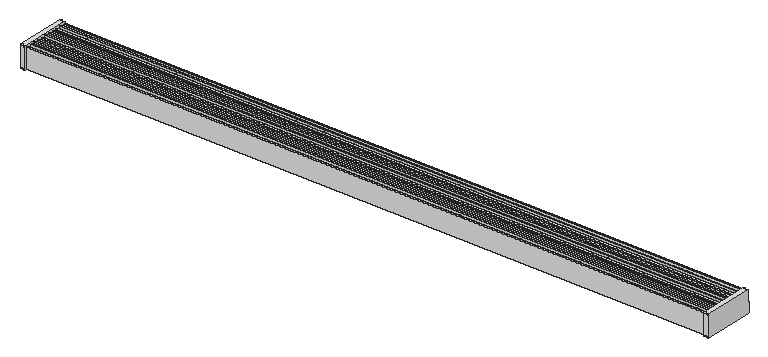
Revit family "Shower-Drain_Cover-KOHLER-Linear-K-80653_1", category Specialty Equipment, host Face, Revit 2017 (continued)
Definition of nested family "K-80653"
  Forms (in)
    Extrusion 4, solid, material <- "Material", detail levels medium+fine
      sketch origin (0, 0, 0) x (1, 0, 0) y (0, 1, 0)
        loop
          line (13.69651, 1.15) -> (13.34394, 1.15)
          arc (13.34394, 1.15) -> (13.27385, 1.12097) -> (13.24482, 1.05088) r 0.09912
          line (13.24482, 1.05088) -> (13.24482, -1.04543)
          arc (13.24482, -1.04543) -> (13.27545, -1.11937) -> (13.3494, -1.15) r 0.10457
          line (13.3494, -1.15) -> (13.69946, -1.15)
          arc (13.69946, -1.15) -> (13.76921, -1.12051) -> (13.79663, -1.04993) r 0.09721
        loop
          arc (13.34394, 1.18125) -> (13.25176, 1.14307) -> (13.21357, 1.05088) r 0.13037
          line (13.21357, 1.05088) -> (13.21357, -1.04543)
          arc (13.21357, -1.04543) -> (13.25336, -1.14147) -> (13.3494, -1.18125) r 0.13582
          line (13.3494, -1.18125) -> (13.69946, -1.18125)
          arc (13.69946, -1.18125) -> (13.79163, -1.14228) -> (13.82787, -1.049) r 0.12846
          arc (13.82787, -1.049) -> (13.84194, -0.98468) -> (13.88461, -0.93453) r 0.13582
          arc (13.88461, -0.93453) -> (13.92395, -0.88943) -> (13.93887, -0.83148) r 0.12979
          line (13.93887, -0.83148) -> (13.93887, 0.83141)
          arc (13.93887, 0.83141) -> (13.92397, 0.8894) -> (13.88461, 0.93453) r 0.12979
          arc (13.88461, 0.93453) -> (13.84228, 0.984) -> (13.82783, 1.0475) r 0.13582
          arc (13.82783, 1.0475) -> (13.79023, 1.14192) -> (13.69651, 1.18125) r 0.13134
          line (13.69651, 1.18125) -> (13.34394, 1.18125)
        loop
          circle (13.96362, -1.045) r 0.09411
        loop
          arc (12.46926, -1.04784) -> (12.49918, -1.12008) -> (12.57142, -1.15) r 0.10216
          line (12.57142, -1.15) -> (13.02749, -1.15)
          arc (13.02749, -1.15) -> (13.10143, -1.11937) -> (13.13206, -1.04543) r 0.10457
          line (13.13206, -1.04543) -> (13.13206, 1.05088)
          arc (13.13206, 1.05088) -> (13.10303, 1.12097) -> (13.03294, 1.15) r 0.09912
          line (13.03294, 1.15) -> (12.56519, 1.15)
          arc (12.56519, 1.15) -> (12.49736, 1.1219) -> (12.46926, 1.05407) r 0.09593
          line (12.46926, 1.05407) -> (12.46926, -1.04784)
        loop
          line (13.03294, 1.18125) -> (12.58248, 1.18125)
          arc (12.58248, 1.18125) -> (12.48032, 1.13893) -> (12.43801, 1.03678) r 0.14447
          line (12.43801, 1.03678) -> (12.43801, -1.05379)
          arc (12.43801, -1.05379) -> (12.47534, -1.14392) -> (12.56547, -1.18125) r 0.12746
          line (12.56547, -1.18125) -> (13.02749, -1.18125)
          arc (13.02749, -1.18125) -> (13.12353, -1.14147) -> (13.16331, -1.04543) r 0.13582
          line (13.16331, -1.04543) -> (13.16331, 1.05088)
          arc (13.16331, 1.05088) -> (13.12512, 1.14307) -> (13.03294, 1.18125) r 0.13037
        loop
          line (12.35726, -1.04244) -> (12.35726, 1.03831)
          arc (12.35726, 1.03831) -> (12.32455, 1.11729) -> (12.24557, 1.15) r 0.11169
          line (12.24557, 1.15) -> (11.79358, 1.15)
          arc (11.79358, 1.15) -> (11.72349, 1.12097) -> (11.69446, 1.05088) r 0.09912
          line (11.69446, 1.05088) -> (11.69446, -1.04543)
          arc (11.69446, -1.04543) -> (11.72509, -1.11937) -> (11.79903, -1.15) r 0.10457
          line (11.79903, -1.15) -> (12.24969, -1.15)
          arc (12.24969, -1.15) -> (12.32575, -1.1185) -> (12.35726, -1.04244) r 0.10756
        loop
          arc (11.79358, 1.18125) -> (11.70139, 1.14307) -> (11.66321, 1.05088) r 0.13037
          line (11.66321, 1.05088) -> (11.66321, -1.04543)
          arc (11.66321, -1.04543) -> (11.70299, -1.14147) -> (11.79903, -1.18125) r 0.13582
          line (11.79903, -1.18125) -> (12.25574, -1.18125)
          arc (12.25574, -1.18125) -> (12.34962, -1.14236) -> (12.38851, -1.04848) r 0.13277
          line (12.38851, -1.04848) -> (12.38851, 1.03106)
          arc (12.38851, 1.03106) -> (12.34452, 1.13726) -> (12.23832, 1.18125) r 0.15019
          line (12.23832, 1.18125) -> (11.79358, 1.18125)
        loop
          arc (11.02758, -1.04993) -> (11.055, -1.12051) -> (11.12474, -1.15) r 0.09721
          line (11.12474, -1.15) -> (11.47481, -1.15)
          arc (11.47481, -1.15) -> (11.54876, -1.11937) -> (11.57938, -1.04543) r 0.10457
          line (11.57938, -1.04543) -> (11.57938, 1.05088)
          arc (11.57938, 1.05088) -> (11.55035, 1.12097) -> (11.48026, 1.15) r 0.09912
          line (11.48026, 1.15) -> (11.12769, 1.15)
          arc (11.12769, 1.15) -> (11.05627, 1.12003) -> (11.02762, 1.04807) r 0.10009
          arc (11.02762, 1.04807) -> (11.00985, 0.96997) -> (10.95778, 0.90911) r 0.16707
          arc (10.95778, 0.90911) -> (10.92796, 0.87497) -> (10.91658, 0.83109) r 0.09854
          line (10.91658, 0.83109) -> (10.91658, -0.83116)
          arc (10.91658, -0.83116) -> (10.92797, -0.875) -> (10.95777, -0.90911) r 0.09854
          arc (10.95777, -0.90911) -> (11.01027, -0.9708) -> (11.02758, -1.04993) r 0.16707
        loop
          line (11.48026, 1.18125) -> (11.12769, 1.18125)
          arc (11.12769, 1.18125) -> (11.03397, 1.14192) -> (10.99638, 1.0475) r 0.13134
          arc (10.99638, 1.0475) -> (10.98193, 0.984) -> (10.9396, 0.93453) r 0.13582
          arc (10.9396, 0.93453) -> (10.90024, 0.8894) -> (10.88533, 0.83141) r 0.12979
          line (10.88533, 0.83141) -> (10.88533, -0.83148)
          arc (10.88533, -0.83148) -> (10.90026, -0.88943) -> (10.93959, -0.93453) r 0.12979
          arc (10.93959, -0.93453) -> (10.98227, -0.98468) -> (10.99634, -1.049) r 0.13582
          arc (10.99634, -1.049) -> (11.03258, -1.14228) -> (11.12474, -1.18125) r 0.12846
          line (11.12474, -1.18125) -> (11.47481, -1.18125)
          arc (11.47481, -1.18125) -> (11.57085, -1.14147) -> (11.61063, -1.04543) r 0.13582
          line (11.61063, -1.04543) -> (11.61063, 1.05088)
          arc (11.61063, 1.05088) -> (11.57245, 1.14307) -> (11.48026, 1.18125) r 0.13037
        loop
          circle (10.86058, 1.045) r 0.09411
        loop
          arc (10.69359, -1.04993) -> (10.7109, -0.9708) -> (10.76339, -0.90911) r 0.16707
          arc (10.76339, -0.90911) -> (10.7932, -0.875) -> (10.80458, -0.83116) r 0.09854
          line (10.80458, -0.83116) -> (10.80458, 0.83109)
          arc (10.80458, 0.83109) -> (10.79321, 0.87497) -> (10.76339, 0.90911) r 0.09854
          arc (10.76339, 0.90911) -> (10.71132, 0.96997) -> (10.69355, 1.04807) r 0.16707
          arc (10.69355, 1.04807) -> (10.6649, 1.12003) -> (10.59348, 1.15) r 0.10009
          line (10.59348, 1.15) -> (10.2409, 1.15)
          arc (10.2409, 1.15) -> (10.17082, 1.12097) -> (10.14178, 1.05088) r 0.09912
          line (10.14178, 1.05088) -> (10.14178, -1.04543)
          arc (10.14178, -1.04543) -> (10.17241, -1.11937) -> (10.24636, -1.15) r 0.10457
          line (10.24636, -1.15) -> (10.59643, -1.15)
          arc (10.59643, -1.15) -> (10.66617, -1.12051) -> (10.69359, -1.04993) r 0.09721
        loop
          arc (10.2409, 1.18125) -> (10.14872, 1.14307) -> (10.11053, 1.05088) r 0.13037
          line (10.11053, 1.05088) -> (10.11053, -1.04543)
          arc (10.11053, -1.04543) -> (10.15032, -1.14147) -> (10.24636, -1.18125) r 0.13582
          line (10.24636, -1.18125) -> (10.59643, -1.18125)
          arc (10.59643, -1.18125) -> (10.68859, -1.14228) -> (10.72483, -1.049) r 0.12846
          arc (10.72483, -1.049) -> (10.7389, -0.98468) -> (10.78157, -0.93453) r 0.13582
          arc (10.78157, -0.93453) -> (10.82091, -0.88943) -> (10.83583, -0.83148) r 0.12979
          line (10.83583, -0.83148) -> (10.83583, 0.83141)
          arc (10.83583, 0.83141) -> (10.82093, 0.8894) -> (10.78157, 0.93453) r 0.12979
          arc (10.78157, 0.93453) -> (10.73924, 0.984) -> (10.72479, 1.0475) r 0.13582
          arc (10.72479, 1.0475) -> (10.6872, 1.14192) -> (10.59348, 1.18125) r 0.13134
          line (10.59348, 1.18125) -> (10.2409, 1.18125)
        loop
          circle (10.86058, -1.045) r 0.09411
        loop
          arc (9.36622, -1.04784) -> (9.39614, -1.12008) -> (9.46838, -1.15) r 0.10216
          line (9.46838, -1.15) -> (9.92445, -1.15)
          arc (9.92445, -1.15) -> (9.99839, -1.11937) -> (10.02902, -1.04543) r 0.10457
          line (10.02902, -1.04543) -> (10.02902, 1.05088)
          arc (10.02902, 1.05088) -> (9.99999, 1.12097) -> (9.9299, 1.15) r 0.09912
          line (9.9299, 1.15) -> (9.46215, 1.15)
          arc (9.46215, 1.15) -> (9.39432, 1.1219) -> (9.36622, 1.05407) r 0.09593
          line (9.36622, 1.05407) -> (9.36622, -1.04784)
        loop
          line (9.9299, 1.18125) -> (9.47944, 1.18125)
          arc (9.47944, 1.18125) -> (9.37729, 1.13893) -> (9.33497, 1.03678) r 0.14447
          line (9.33497, 1.03678) -> (9.33497, -1.05379)
          arc (9.33497, -1.05379) -> (9.3723, -1.14392) -> (9.46243, -1.18125) r 0.12746
          line (9.46243, -1.18125) -> (9.92445, -1.18125)
          arc (9.92445, -1.18125) -> (10.02049, -1.14147) -> (10.06027, -1.04543) r 0.13582
          line (10.06027, -1.04543) -> (10.06027, 1.05088)
          arc (10.06027, 1.05088) -> (10.02209, 1.14307) -> (9.9299, 1.18125) r 0.13037
        loop
          line (9.25422, -1.04244) -> (9.25422, 1.03831)
          arc (9.25422, 1.03831) -> (9.22151, 1.11729) -> (9.14253, 1.15) r 0.11169
          line (9.14253, 1.15) -> (8.69054, 1.15)
          arc (8.69054, 1.15) -> (8.62045, 1.12097) -> (8.59142, 1.05088) r 0.09912
          line (8.59142, 1.05088) -> (8.59142, -1.04543)
          arc (8.59142, -1.04543) -> (8.62205, -1.11937) -> (8.69599, -1.15) r 0.10457
          line (8.69599, -1.15) -> (9.14666, -1.15)
          arc (9.14666, -1.15) -> (9.22272, -1.1185) -> (9.25422, -1.04244) r 0.10756
        loop
          arc (8.69054, 1.18125) -> (8.59835, 1.14307) -> (8.56017, 1.05088) r 0.13037
          line (8.56017, 1.05088) -> (8.56017, -1.04543)
          arc (8.56017, -1.04543) -> (8.59995, -1.14147) -> (8.69599, -1.18125) r 0.13582
          line (8.69599, -1.18125) -> (9.1527, -1.18125)
          arc (9.1527, -1.18125) -> (9.24658, -1.14236) -> (9.28547, -1.04848) r 0.13277
          line (9.28547, -1.04848) -> (9.28547, 1.03106)
          arc (9.28547, 1.03106) -> (9.24148, 1.13726) -> (9.13528, 1.18125) r 0.15019
          line (9.13528, 1.18125) -> (8.69054, 1.18125)
        loop
          arc (7.92597, -1.04993) -> (7.95339, -1.12051) -> (8.02314, -1.15) r 0.09721
          line (8.02314, -1.15) -> (8.3732, -1.15)
          arc (8.3732, -1.15) -> (8.44715, -1.11937) -> (8.47778, -1.04543) r 0.10457
          line (8.47778, -1.04543) -> (8.47778, 1.05088)
          arc (8.47778, 1.05088) -> (8.44875, 1.12097) -> (8.37866, 1.15) r 0.09912
          line (8.37866, 1.15) -> (8.02609, 1.15)
          arc (8.02609, 1.15) -> (7.95467, 1.12003) -> (7.92602, 1.04807) r 0.10009
          arc (7.92602, 1.04807) -> (7.90825, 0.96997) -> (7.85617, 0.90911) r 0.16707
          arc (7.85617, 0.90911) -> (7.82635, 0.87497) -> (7.81498, 0.83109) r 0.09854
          line (7.81498, 0.83109) -> (7.81498, -0.83116)
          arc (7.81498, -0.83116) -> (7.82637, -0.875) -> (7.85617, -0.90911) r 0.09854
          arc (7.85617, -0.90911) -> (7.90866, -0.9708) -> (7.92597, -1.04993) r 0.16707
        loop
          line (8.37866, 1.18125) -> (8.02609, 1.18125)
          arc (8.02609, 1.18125) -> (7.93237, 1.14192) -> (7.89477, 1.0475) r 0.13134
          arc (7.89477, 1.0475) -> (7.88033, 0.984) -> (7.83799, 0.93453) r 0.13582
          arc (7.83799, 0.93453) -> (7.79863, 0.8894) -> (7.78373, 0.83141) r 0.12979
          line (7.78373, 0.83141) -> (7.78373, -0.83148)
          arc (7.78373, -0.83148) -> (7.79865, -0.88943) -> (7.83799, -0.93453) r 0.12979
          arc (7.83799, -0.93453) -> (7.88066, -0.98468) -> (7.89473, -1.049) r 0.13582
          arc (7.89473, -1.049) -> (7.93097, -1.14228) -> (8.02314, -1.18125) r 0.12846
          line (8.02314, -1.18125) -> (8.3732, -1.18125)
          arc (8.3732, -1.18125) -> (8.46925, -1.14147) -> (8.50903, -1.04543) r 0.13582
          line (8.50903, -1.04543) -> (8.50903, 1.05088)
          arc (8.50903, 1.05088) -> (8.47084, 1.14307) -> (8.37866, 1.18125) r 0.13037
        loop
          circle (7.75898, 1.045) r 0.09411
        loop
          arc (7.59199, -1.04993) -> (7.6093, -0.9708) -> (7.66179, -0.90911) r 0.16707
          arc (7.66179, -0.90911) -> (7.69159, -0.875) -> (7.70298, -0.83116) r 0.09854
          line (7.70298, -0.83116) -> (7.70298, 0.83109)
          arc (7.70298, 0.83109) -> (7.6916, 0.87497) -> (7.66179, 0.90911) r 0.09854
          arc (7.66179, 0.90911) -> (7.60971, 0.96997) -> (7.59194, 1.04807) r 0.16707
          arc (7.59194, 1.04807) -> (7.56329, 1.12003) -> (7.49187, 1.15) r 0.10009
          line (7.49187, 1.15) -> (7.1393, 1.15)
          arc (7.1393, 1.15) -> (7.06921, 1.12097) -> (7.04018, 1.05088) r 0.09912
          line (7.04018, 1.05088) -> (7.04018, -1.04543)
          arc (7.04018, -1.04543) -> (7.07081, -1.11937) -> (7.14475, -1.15) r 0.10457
          line (7.14475, -1.15) -> (7.49482, -1.15)
          arc (7.49482, -1.15) -> (7.56456, -1.12051) -> (7.59199, -1.04993) r 0.09721
        loop
          arc (7.1393, 1.18125) -> (7.04711, 1.14307) -> (7.00893, 1.05088) r 0.13037
          line (7.00893, 1.05088) -> (7.00893, -1.04543)
          arc (7.00893, -1.04543) -> (7.04871, -1.14147) -> (7.14475, -1.18125) r 0.13582
          line (7.14475, -1.18125) -> (7.49482, -1.18125)
          arc (7.49482, -1.18125) -> (7.58698, -1.14228) -> (7.62322, -1.049) r 0.12846
          arc (7.62322, -1.049) -> (7.63729, -0.98468) -> (7.67997, -0.93453) r 0.13582
          arc (7.67997, -0.93453) -> (7.71931, -0.88943) -> (7.73423, -0.83148) r 0.12979
          line (7.73423, -0.83148) -> (7.73423, 0.83141)
          arc (7.73423, 0.83141) -> (7.71932, 0.8894) -> (7.67997, 0.93453) r 0.12979
          arc (7.67997, 0.93453) -> (7.63763, 0.984) -> (7.62319, 1.0475) r 0.13582
          arc (7.62319, 1.0475) -> (7.58559, 1.14192) -> (7.49187, 1.18125) r 0.13134
          line (7.49187, 1.18125) -> (7.1393, 1.18125)
        loop
          circle (7.75898, -1.045) r 0.09411
        loop
          arc (6.26461, -1.04784) -> (6.29454, -1.12008) -> (6.36677, -1.15) r 0.10216
          line (6.36677, -1.15) -> (6.82284, -1.15)
          arc (6.82284, -1.15) -> (6.89679, -1.11937) -> (6.92741, -1.04543) r 0.10457
          line (6.92741, -1.04543) -> (6.92741, 1.05088)
          arc (6.92741, 1.05088) -> (6.89838, 1.12097) -> (6.82829, 1.15) r 0.09912
          line (6.82829, 1.15) -> (6.36054, 1.15)
          arc (6.36054, 1.15) -> (6.29271, 1.1219) -> (6.26461, 1.05407) r 0.09593
          line (6.26461, 1.05407) -> (6.26461, -1.04784)
        loop
          line (6.82829, 1.18125) -> (6.37784, 1.18125)
          arc (6.37784, 1.18125) -> (6.27568, 1.13893) -> (6.23336, 1.03678) r 0.14447
          line (6.23336, 1.03678) -> (6.23336, -1.05379)
          arc (6.23336, -1.05379) -> (6.2707, -1.14392) -> (6.36083, -1.18125) r 0.12746
          line (6.36083, -1.18125) -> (6.82284, -1.18125)
          arc (6.82284, -1.18125) -> (6.91888, -1.14147) -> (6.95866, -1.04543) r 0.13582
          line (6.95866, -1.04543) -> (6.95866, 1.05088)
          arc (6.95866, 1.05088) -> (6.92048, 1.14307) -> (6.82829, 1.18125) r 0.13037
        loop
          line (6.15261, -1.04244) -> (6.15261, 1.03831)
          arc (6.15261, 1.03831) -> (6.1199, 1.11729) -> (6.04093, 1.15) r 0.11169
          line (6.04093, 1.15) -> (5.58893, 1.15)
          arc (5.58893, 1.15) -> (5.51885, 1.12097) -> (5.48981, 1.05088) r 0.09912
          line (5.48981, 1.05088) -> (5.48981, -1.04543)
          arc (5.48981, -1.04543) -> (5.52044, -1.11937) -> (5.59439, -1.15) r 0.10457
          line (5.59439, -1.15) -> (6.04505, -1.15)
          arc (6.04505, -1.15) -> (6.12111, -1.1185) -> (6.15261, -1.04244) r 0.10756
        loop
          arc (5.58893, 1.18125) -> (5.49675, 1.14307) -> (5.45856, 1.05088) r 0.13037
          line (5.45856, 1.05088) -> (5.45856, -1.04543)
          arc (5.45856, -1.04543) -> (5.49835, -1.14147) -> (5.59439, -1.18125) r 0.13582
          line (5.59439, -1.18125) -> (6.05109, -1.18125)
          arc (6.05109, -1.18125) -> (6.14498, -1.14236) -> (6.18386, -1.04848) r 0.13277
          line (6.18386, -1.04848) -> (6.18386, 1.03106)
          arc (6.18386, 1.03106) -> (6.13987, 1.13726) -> (6.03368, 1.18125) r 0.15019
          line (6.03368, 1.18125) -> (5.58893, 1.18125)
        loop
          arc (4.8212, -1.04993) -> (4.84863, -1.12051) -> (4.91837, -1.15) r 0.09721
          line (4.91837, -1.15) -> (5.26844, -1.15)
          arc (5.26844, -1.15) -> (5.34238, -1.11937) -> (5.37301, -1.04543) r 0.10457
          line (5.37301, -1.04543) -> (5.37301, 1.05088)
          arc (5.37301, 1.05088) -> (5.34398, 1.12097) -> (5.27389, 1.15) r 0.09912
          line (5.27389, 1.15) -> (4.92132, 1.15)
          arc (4.92132, 1.15) -> (4.8499, 1.12003) -> (4.82125, 1.04807) r 0.10009
          arc (4.82125, 1.04807) -> (4.80348, 0.96997) -> (4.7514, 0.90911) r 0.16707
          arc (4.7514, 0.90911) -> (4.72159, 0.87497) -> (4.71021, 0.83109) r 0.09854
          line (4.71021, 0.83109) -> (4.71021, -0.83116)
          arc (4.71021, -0.83116) -> (4.7216, -0.875) -> (4.7514, -0.90911) r 0.09854
          arc (4.7514, -0.90911) -> (4.80389, -0.9708) -> (4.8212, -1.04993) r 0.16707
        loop
          line (5.27389, 1.18125) -> (4.92132, 1.18125)
          arc (4.92132, 1.18125) -> (4.8276, 1.14192) -> (4.79, 1.0475) r 0.13134
          arc (4.79, 1.0475) -> (4.77556, 0.984) -> (4.73322, 0.93453) r 0.13582
          arc (4.73322, 0.93453) -> (4.69387, 0.8894) -> (4.67896, 0.83141) r 0.12979
          line (4.67896, 0.83141) -> (4.67896, -0.83148)
          arc (4.67896, -0.83148) -> (4.69388, -0.88943) -> (4.73322, -0.93453) r 0.12979
          arc (4.73322, -0.93453) -> (4.7759, -0.98468) -> (4.78997, -1.049) r 0.13582
          arc (4.78997, -1.049) -> (4.82621, -1.14228) -> (4.91837, -1.18125) r 0.12846
          line (4.91837, -1.18125) -> (5.26844, -1.18125)
          arc (5.26844, -1.18125) -> (5.36448, -1.14147) -> (5.40426, -1.04543) r 0.13582
          line (5.40426, -1.04543) -> (5.40426, 1.05088)
          arc (5.40426, 1.05088) -> (5.36608, 1.14307) -> (5.27389, 1.18125) r 0.13037
        loop
          circle (4.65421, 1.045) r 0.09411
        loop
          arc (4.48722, -1.04993) -> (4.50453, -0.9708) -> (4.55702, -0.90911) r 0.16707
          arc (4.55702, -0.90911) -> (4.58682, -0.875) -> (4.59821, -0.83116) r 0.09854
          line (4.59821, -0.83116) -> (4.59821, 0.83109)
          arc (4.59821, 0.83109) -> (4.58684, 0.87497) -> (4.55702, 0.90911) r 0.09854
          arc (4.55702, 0.90911) -> (4.50494, 0.96997) -> (4.48717, 1.04807) r 0.16707
          arc (4.48717, 1.04807) -> (4.45852, 1.12003) -> (4.3871, 1.15) r 0.10009
          line (4.3871, 1.15) -> (4.03453, 1.15)
          arc (4.03453, 1.15) -> (3.96444, 1.12097) -> (3.93541, 1.05088) r 0.09912
          line (3.93541, 1.05088) -> (3.93541, -1.04543)
          arc (3.93541, -1.04543) -> (3.96604, -1.11937) -> (4.03998, -1.15) r 0.10457
          line (4.03998, -1.15) -> (4.39005, -1.15)
          arc (4.39005, -1.15) -> (4.45979, -1.12051) -> (4.48722, -1.04993) r 0.09721
        loop
          arc (4.03453, 1.18125) -> (3.94235, 1.14307) -> (3.90416, 1.05088) r 0.13037
          line (3.90416, 1.05088) -> (3.90416, -1.04543)
          arc (3.90416, -1.04543) -> (3.94394, -1.14147) -> (4.03998, -1.18125) r 0.13582
          line (4.03998, -1.18125) -> (4.39005, -1.18125)
          arc (4.39005, -1.18125) -> (4.48222, -1.14228) -> (4.51845, -1.049) r 0.12846
          arc (4.51845, -1.049) -> (4.53253, -0.98468) -> (4.5752, -0.93453) r 0.13582
          arc (4.5752, -0.93453) -> (4.61454, -0.88943) -> (4.62946, -0.83148) r 0.12979
          line (4.62946, -0.83148) -> (4.62946, 0.83141)
          arc (4.62946, 0.83141) -> (4.61455, 0.8894) -> (4.5752, 0.93453) r 0.12979
          arc (4.5752, 0.93453) -> (4.53286, 0.984) -> (4.51842, 1.0475) r 0.13582
          arc (4.51842, 1.0475) -> (4.48082, 1.14192) -> (4.3871, 1.18125) r 0.13134
          line (4.3871, 1.18125) -> (4.03453, 1.18125)
        loop
          circle (4.65421, -1.045) r 0.09411
        loop
          arc (3.15985, -1.04784) -> (3.18977, -1.12008) -> (3.262, -1.15) r 0.10216
          line (3.262, -1.15) -> (3.71807, -1.15)
          arc (3.71807, -1.15) -> (3.79202, -1.11937) -> (3.82265, -1.04543) r 0.10457
          line (3.82265, -1.04543) -> (3.82265, 1.05088)
          arc (3.82265, 1.05088) -> (3.79362, 1.12097) -> (3.72353, 1.15) r 0.09912
          line (3.72353, 1.15) -> (3.25578, 1.15)
          arc (3.25578, 1.15) -> (3.18794, 1.1219) -> (3.15985, 1.05407) r 0.09593
          line (3.15985, 1.05407) -> (3.15985, -1.04784)
        loop
          line (3.72353, 1.18125) -> (3.27307, 1.18125)
          arc (3.27307, 1.18125) -> (3.17091, 1.13893) -> (3.1286, 1.03678) r 0.14447
          line (3.1286, 1.03678) -> (3.1286, -1.05379)
          arc (3.1286, -1.05379) -> (3.16593, -1.14392) -> (3.25606, -1.18125) r 0.12746
          line (3.25606, -1.18125) -> (3.71807, -1.18125)
          arc (3.71807, -1.18125) -> (3.81411, -1.14147) -> (3.8539, -1.04543) r 0.13582
          line (3.8539, -1.04543) -> (3.8539, 1.05088)
          arc (3.8539, 1.05088) -> (3.81571, 1.14307) -> (3.72353, 1.18125) r 0.13037
        loop
          line (3.04785, -1.04244) -> (3.04785, 1.03831)
          arc (3.04785, 1.03831) -> (3.01513, 1.11729) -> (2.93616, 1.15) r 0.11169
          line (2.93616, 1.15) -> (2.48417, 1.15)
          arc (2.48417, 1.15) -> (2.41408, 1.12097) -> (2.38505, 1.05088) r 0.09912
          line (2.38505, 1.05088) -> (2.38505, -1.04543)
          arc (2.38505, -1.04543) -> (2.41568, -1.11937) -> (2.48962, -1.15) r 0.10457
          line (2.48962, -1.15) -> (2.94028, -1.15)
          arc (2.94028, -1.15) -> (3.01634, -1.1185) -> (3.04785, -1.04244) r 0.10756
        loop
          arc (2.48417, 1.18125) -> (2.39198, 1.14307) -> (2.3538, 1.05088) r 0.13037
          line (2.3538, 1.05088) -> (2.3538, -1.04543)
          arc (2.3538, -1.04543) -> (2.39358, -1.14147) -> (2.48962, -1.18125) r 0.13582
          line (2.48962, -1.18125) -> (2.94633, -1.18125)
          arc (2.94633, -1.18125) -> (3.04021, -1.14236) -> (3.0791, -1.04848) r 0.13277
          line (3.0791, -1.04848) -> (3.0791, 1.03106)
          arc (3.0791, 1.03106) -> (3.03511, 1.13726) -> (2.92891, 1.18125) r 0.15019
          line (2.92891, 1.18125) -> (2.48417, 1.18125)
        loop
          arc (1.72269, -1.04993) -> (1.75011, -1.12051) -> (1.81986, -1.15) r 0.09721
          line (1.81986, -1.15) -> (2.16992, -1.15)
          arc (2.16992, -1.15) -> (2.24387, -1.11937) -> (2.2745, -1.04543) r 0.10457
          line (2.2745, -1.04543) -> (2.2745, 1.05088)
          arc (2.2745, 1.05088) -> (2.24547, 1.12097) -> (2.17538, 1.15) r 0.09912
          line (2.17538, 1.15) -> (1.82281, 1.15)
          arc (1.82281, 1.15) -> (1.75139, 1.12003) -> (1.72273, 1.04807) r 0.10009
          arc (1.72273, 1.04807) -> (1.70497, 0.96997) -> (1.65289, 0.90911) r 0.16707
          arc (1.65289, 0.90911) -> (1.62307, 0.87497) -> (1.6117, 0.83109) r 0.09854
          line (1.6117, 0.83109) -> (1.6117, -0.83116)
          arc (1.6117, -0.83116) -> (1.62309, -0.875) -> (1.65289, -0.90911) r 0.09854
          arc (1.65289, -0.90911) -> (1.70538, -0.9708) -> (1.72269, -1.04993) r 0.16707
        loop
          line (2.17538, 1.18125) -> (1.82281, 1.18125)
          arc (1.82281, 1.18125) -> (1.72909, 1.14192) -> (1.69149, 1.0475) r 0.13134
          arc (1.69149, 1.0475) -> (1.67705, 0.984) -> (1.63471, 0.93453) r 0.13582
          arc (1.63471, 0.93453) -> (1.59535, 0.8894) -> (1.58045, 0.83141) r 0.12979
          line (1.58045, 0.83141) -> (1.58045, -0.83148)
          arc (1.58045, -0.83148) -> (1.59537, -0.88943) -> (1.63471, -0.93453) r 0.12979
          arc (1.63471, -0.93453) -> (1.67738, -0.98468) -> (1.69145, -1.049) r 0.13582
          arc (1.69145, -1.049) -> (1.72769, -1.14228) -> (1.81986, -1.18125) r 0.12846
          line (1.81986, -1.18125) -> (2.16992, -1.18125)
          arc (2.16992, -1.18125) -> (2.26597, -1.14147) -> (2.30575, -1.04543) r 0.13582
          line (2.30575, -1.04543) -> (2.30575, 1.05088)
          arc (2.30575, 1.05088) -> (2.26756, 1.14307) -> (2.17538, 1.18125) r 0.13037
        loop
          circle (1.5557, 1.045) r 0.09411
        loop
          arc (1.3887, -1.04993) -> (1.40601, -0.9708) -> (1.45851, -0.90911) r 0.16707
          arc (1.45851, -0.90911) -> (1.48831, -0.875) -> (1.4997, -0.83116) r 0.09854
          line (1.4997, -0.83116) -> (1.4997, 0.83109)
          arc (1.4997, 0.83109) -> (1.48832, 0.87497) -> (1.45851, 0.90911) r 0.09854
          arc (1.45851, 0.90911) -> (1.40643, 0.96997) -> (1.38866, 1.04807) r 0.16707
          arc (1.38866, 1.04807) -> (1.36001, 1.12003) -> (1.28859, 1.15) r 0.10009
          line (1.28859, 1.15) -> (0.93602, 1.15)
          arc (0.93602, 1.15) -> (0.86593, 1.12097) -> (0.8369, 1.05088) r 0.09912
          line (0.8369, 1.05088) -> (0.8369, -1.04543)
          arc (0.8369, -1.04543) -> (0.86753, -1.11937) -> (0.94147, -1.15) r 0.10457
          line (0.94147, -1.15) -> (1.29154, -1.15)
          arc (1.29154, -1.15) -> (1.36128, -1.12051) -> (1.3887, -1.04993) r 0.09721
        loop
          arc (0.93602, 1.18125) -> (0.84383, 1.14307) -> (0.80565, 1.05088) r 0.13037
          line (0.80565, 1.05088) -> (0.80565, -1.04543)
          arc (0.80565, -1.04543) -> (0.84543, -1.14147) -> (0.94147, -1.18125) r 0.13582
          line (0.94147, -1.18125) -> (1.29154, -1.18125)
          arc (1.29154, -1.18125) -> (1.3837, -1.14228) -> (1.41994, -1.049) r 0.12846
          arc (1.41994, -1.049) -> (1.43401, -0.98468) -> (1.47669, -0.93453) r 0.13582
          arc (1.47669, -0.93453) -> (1.51602, -0.88943) -> (1.53095, -0.83148) r 0.12979
          line (1.53095, -0.83148) -> (1.53095, 0.83141)
          arc (1.53095, 0.83141) -> (1.51604, 0.8894) -> (1.47669, 0.93453) r 0.12979
          arc (1.47669, 0.93453) -> (1.43435, 0.984) -> (1.4199, 1.0475) r 0.13582
          arc (1.4199, 1.0475) -> (1.38231, 1.14192) -> (1.28859, 1.18125) r 0.13134
          line (1.28859, 1.18125) -> (0.93602, 1.18125)
        loop
          circle (1.5557, -1.045) r 0.09411
        loop
          arc (0.06133, -1.04784) -> (0.09125, -1.12008) -> (0.16349, -1.15) r 0.10216
          line (0.16349, -1.15) -> (0.61956, -1.15)
          arc (0.61956, -1.15) -> (0.6935, -1.11937) -> (0.72413, -1.04543) r 0.10457
          line (0.72413, -1.04543) -> (0.72413, 1.05088)
          arc (0.72413, 1.05088) -> (0.6951, 1.12097) -> (0.62501, 1.15) r 0.09912
          line (0.62501, 1.15) -> (0.15726, 1.15)
          arc (0.15726, 1.15) -> (0.08943, 1.1219) -> (0.06133, 1.05407) r 0.09593
          line (0.06133, 1.05407) -> (0.06133, -1.04784)
        loop
          line (0.62501, 1.18125) -> (0.17456, 1.18125)
          arc (0.17456, 1.18125) -> (0.0724, 1.13893) -> (0.03008, 1.03678) r 0.14447
          line (0.03008, 1.03678) -> (0.03008, -1.05379)
          arc (0.03008, -1.05379) -> (0.06742, -1.14392) -> (0.15755, -1.18125) r 0.12746
          line (0.15755, -1.18125) -> (0.61956, -1.18125)
          arc (0.61956, -1.18125) -> (0.7156, -1.14147) -> (0.75538, -1.04543) r 0.13582
          line (0.75538, -1.04543) -> (0.75538, 1.05088)
          arc (0.75538, 1.05088) -> (0.7172, 1.14307) -> (0.62501, 1.18125) r 0.13037
      from -0.325 to -0.175
    Extrusion 5, solid, material <- "Material", detail levels coarse
      sketch origin (0, 0, 0) x (1, 0, 0) y (0, 1, 0)
        loop
          line (-18, 1.295) -> (-18, -1.295) -> (-17.75, -1.295) -> (-17.75, -1.25) -> (17.75, -1.25) -> (17.75, -1.295) -> (18, -1.295) -> (18, 1.295) -> (17.75, 1.295) -> (17.75, 1.25) -> (-17.75, 1.25) -> (-17.75, 1.295) -> (-18, 1.295)
      from -1.125 to 0
  Cuts and joins
    joined: Extrusion 1, Extrusion 2, Extrusion 3
  Lines and regions (in)
    Masking region 1
      outline origin (0, 0, 0) x (1, 0, 0) y (0, 1, 0)
        loop
          line (-18, 1.25982) -> (-18, -1.25982)
          arc (-18, -1.25982) -> (-17.99372, -1.27497) -> (-17.97857, -1.28125) r 0.02143
          line (-17.97857, -1.28125) -> (-17.75, -1.28125) -> (-17.75, -1.25) -> (17.75, -1.25) -> (17.75, -1.28125) -> (17.97857, -1.28125)
          arc (17.97857, -1.28125) -> (17.99372, -1.27497) -> (18, -1.25982) r 0.02143
          line (18, -1.25982) -> (18, 1.25982)
          arc (18, 1.25982) -> (17.99372, 1.27497) -> (17.97857, 1.28125) r 0.02143
          line (17.97857, 1.28125) -> (17.75, 1.28125) -> (17.75, 1.25) -> (-17.75, 1.25) -> (-17.75, 1.28125) -> (-17.97857, 1.28125)
          arc (-17.97857, 1.28125) -> (-17.99372, 1.27497) -> (-18, 1.25982) r 0.02143
    Masking region 2
      outline origin (0, 0, 0) x (1, 0, 0) y (0, 0, 1)
        loop
          line (-17.97948, -1.125) -> (-17.75, -1.125) -> (-17.75, -1.09414) -> (17.75, -1.09414) -> (17.75, -1.125) -> (17.97948, -1.125)
          arc (17.97948, -1.125) -> (17.99399, -1.11899) -> (18, -1.10448) r 0.02052
          line (18, -1.10448) -> (18, -0.02052)
          arc (18, -0.02052) -> (17.99399, -0.00601) -> (17.97948, 0) r 0.02052
          line (17.97948, 0) -> (17.75, 0) -> (17.75, -0.05) -> (-17.75, -0.05) -> (-17.75, 0) -> (-17.97948, 0)
          arc (-17.97948, 0) -> (-17.99399, -0.00601) -> (-18, -0.02052) r 0.02052
          line (-18, -0.02052) -> (-18, -1.10448)
          arc (-18, -1.10448) -> (-17.99399, -1.11899) -> (-17.97948, -1.125) r 0.02052
    Masking region 3
      outline origin (0, 0, 0) x (0, 1, 0) y (0, 0, 1)
        loop
          line (1.28125, -1.08984) -> (1.28125, -0.03451)
          arc (1.28125, -0.03451) -> (1.27114, -0.01011) -> (1.24674, 0) r 0.03451
          line (1.24674, 0) -> (-1.24609, 0)
          arc (-1.24609, 0) -> (-1.27095, -0.0103) -> (-1.28125, -0.03516) r 0.03516
          line (-1.28125, -0.03516) -> (-1.28125, -1.08984)
          arc (-1.28125, -1.08984) -> (-1.27095, -1.1147) -> (-1.24609, -1.125) r 0.03516
          line (-1.24609, -1.125) -> (1.24609, -1.125)
          arc (1.24609, -1.125) -> (1.27095, -1.1147) -> (1.28125, -1.08984) r 0.03516
    symbolic lines, detail levels medium+fine
      curve 1: line (-17.75, 0, -0.05) -> (-17.75, 0, -1.09414)
      curve 2: line (17.75, 0, -0.04) -> (17.75, 0, -1.09414)
      curve 3: line (0, 1.24674, -0.01172) -> (0, -1.24609, -0.01172)
      curve 4: arc (0, -1.24609, -0.01172) -> (0, -1.26267, -0.01858) -> (0, -1.26953, -0.03516) r 0.02344
      curve 5: line (0, -1.26953, -1.08984) -> (0, -1.26953, -0.03516)
      curve 6: arc (0, -1.24609, -1.11328) -> (0, -1.26267, -1.10642) -> (0, -1.26953, -1.08984) r 0.02344
      curve 7: line (0, 1.24609, -1.11328) -> (0, -1.24609, -1.11328)
      curve 8: arc (0, 1.26953, -1.08984) -> (0, 1.26267, -1.10642) -> (0, 1.24609, -1.11328) r 0.02344
      curve 9: line (0, 1.26953, -1.08984) -> (0, 1.26953, -0.03451)
      curve 10: arc (0, 1.26953, -0.03451) -> (0, 1.26286, -0.01839) -> (0, 1.24674, -0.01172) r 0.02279
      curve 11: line (17.97948, 0, 0) -> (17.97948, 0, -1.125)
      curve 12: line (-17.97948, 0, -1.125) -> (-17.97948, 0, 0)
      curve 13: line (-17.75, -1.255, 0) -> (-17.75, -1.12647, 0)
      curve 14: line (-17.75, -1.01, 0) -> (-17.75, 1.255, 0)
      curve 15: line (-17.75, 1.15, 0) -> (17.75, 1.15, 0)
      curve 16: line (-17.75, 1.01, 0) -> (17.75, 1.01, 0)
      curve 17: line (17.75, 0.91, 0) -> (-17.75, 0.91, 0)
      curve 18: line (-17.75, 0.77, 0) -> (17.75, 0.77, 0)
      curve 19: line (-17.75, 0.67, 0) -> (17.75, 0.67, 0)
      curve 20: line (-17.75, 0.53, 0) -> (17.75, 0.53, 0)
      curve 21: line (-17.75, 0.43, 0) -> (17.75, 0.43, 0)
      curve 22: line (-17.75, 0.29, 0) -> (17.75, 0.29, 0)
      curve 23: line (-17.75, 0.19, 0) -> (17.75, 0.19, 0)
      curve 24: line (-17.75, 0.05, 0) -> (17.75, 0.05, 0)
      curve 25: line (-17.75, -0.05, 0) -> (17.75, -0.05, 0)
      curve 26: line (-17.75, -0.19, 0) -> (17.75, -0.19, 0)
      curve 27: line (-17.75, -0.29, 0) -> (17.75, -0.29, 0)
      curve 28: line (-17.75, -0.43, 0) -> (17.75, -0.43, 0)
      curve 29: line (-17.75, -0.53, 0) -> (17.75, -0.53, 0)
      curve 30: line (-17.75, -0.67, 0) -> (17.75, -0.67, 0)
      curve 31: line (-17.75, -0.77, 0) -> (17.75, -0.77, 0)
      curve 32: line (-17.75, -0.91, 0) -> (17.75, -0.91, 0)
      curve 33: line (-17.75, -1.01, 0) -> (17.75, -1.01, 0)
      curve 34: line (17.75, -1.15, 0) -> (-17.75, -1.15, 0)
      curve 35: line (17.75, -1.255, 0) -> (17.75, -1.12647, 0)
      curve 36: line (17.75, -1.01, 0) -> (17.75, 1.255, 0)
      curve 37: line (-17.1222, 0.05, 0) -> (-17.1222, 0.19, 0)
      curve 38: arc (-17.1222, 0.83109, 0) -> (-17.13394, 0.87565, 0) -> (-17.16465, 0.91, 0) r 0.09854
      curve 39: arc (-17.22956, 1.01, 0) -> (-17.23249, 1.02893, 0) -> (-17.23324, 1.04807, 0) r 0.16707
      curve 40: line (-17.68588, 1.15, 0) -> (-17.33331, 1.15, 0)
      curve 41: arc (-17.75, 1.12647, 0) -> (-17.72003, 1.14393, 0) -> (-17.68588, 1.15, 0) r 0.09912
      curve 42: arc (-17.33331, 1.15, 0) -> (-17.26189, 1.12003, 0) -> (-17.23324, 1.04807, 0) r 0.10009
      curve 43: arc (-16.97885, 1.01, 0) -> (-17.0662, 1.13911, 0) -> (-17.15355, 1.01, 0) r 0.09411
      curve 44: line (-17.0102, 0.05, 0) -> (-17.0102, 0.19, 0)
      curve 45: arc (-17.0102, 0.83109, 0) -> (-16.99846, 0.87565, 0) -> (-16.96775, 0.91, 0) r 0.09854
      curve 46: arc (-16.90284, 1.01, 0) -> (-16.89991, 1.02893, 0) -> (-16.89916, 1.04807, 0) r 0.16707
      curve 47: line (-16.44652, 1.15, 0) -> (-16.79909, 1.15, 0)
      curve 48: line (-16.3474, 1.05088, 0) -> (-16.3474, 1.01, 0)
      curve 49: arc (-16.3474, 1.05088, 0) -> (-16.37643, 1.12097, 0) -> (-16.44652, 1.15, 0) r 0.09912
      curve 50: arc (-16.79909, 1.15, 0) -> (-16.87051, 1.12003, 0) -> (-16.89916, 1.04807, 0) r 0.10009
      curve 51: line (-16.3474, 0.91, 0) -> (-16.96775, 0.91, 0)
      curve 52: line (-17.75, 0.05, 0) -> (-17.75, 0.19, 0)
      curve 53: line (-17.75, 1.01, 0) -> (-17.22956, 1.01, 0)
      curve 54: line (-16.90284, 1.01, 0) -> (-16.3474, 1.01, 0)
      curve 55: line (-17.15355, 1.01, 0) -> (-16.97885, 1.01, 0)
      curve 56: line (-17.75, 1.01, 0) -> (-17.75, 1.12647, 0)
      curve 57: line (-16.3474, 0.91, 0) -> (-16.3474, 0.77, 0)
      curve 58: line (-17.75, 0.77, 0) -> (-17.1222, 0.77, 0)
      curve 59: line (-17.16465, 0.91, 0) -> (-17.75, 0.91, 0)
      curve 60: line (-16.3474, 0.67, 0) -> (-16.3474, 0.53, 0)
      curve 61: line (-17.0102, 0.77, 0) -> (-16.3474, 0.77, 0)
      curve 62: line (-17.1222, 0.77, 0) -> (-17.1222, 0.83109, 0)
      curve 63: line (-17.0102, 0.77, 0) -> (-17.0102, 0.83109, 0)
      curve 64: line (-17.75, 0.77, 0) -> (-17.75, 0.91, 0)
      curve 65: line (-17.75, 0.67, 0) -> (-17.1222, 0.67, 0)
      curve 66: line (-17.75, 0.53, 0) -> (-17.1222, 0.53, 0)
      curve 67: line (-17.0102, 0.67, 0) -> (-16.3474, 0.67, 0)
      curve 68: line (-17.0102, 0.53, 0) -> (-16.3474, 0.53, 0)
      curve 69: line (-17.75, 0.53, 0) -> (-17.75, 0.67, 0)
      curve 70: line (-16.3474, 0.43, 0) -> (-16.3474, 0.29, 0)
      curve 71: line (-17.0102, 0.53, 0) -> (-17.0102, 0.67, 0)
      curve 72: line (-17.1222, 0.53, 0) -> (-17.1222, 0.67, 0)
      curve 73: line (-17.75, 0.43, 0) -> (-17.1222, 0.43, 0)
      curve 74: line (-17.75, 0.29, 0) -> (-17.1222, 0.29, 0)
      curve 75: line (-17.75, 0.29, 0) -> (-17.75, 0.43, 0)
      curve 76: line (-17.1222, 0.29, 0) -> (-17.1222, 0.43, 0)
      curve 77: line (-17.0102, 0.29, 0) -> (-17.0102, 0.43, 0)
      curve 78: line (-16.3474, 0.19, 0) -> (-16.3474, 0.05, 0)
      curve 79: line (-17.0102, 0.29, 0) -> (-16.3474, 0.29, 0)
      curve 80: line (-17.0102, 0.43, 0) -> (-16.3474, 0.43, 0)
      curve 81: line (-17.75, 0.19, 0) -> (-17.1222, 0.19, 0)
      curve 82: line (-17.75, 0.05, 0) -> (-17.1222, 0.05, 0)
      curve 83: line (-17.0102, 0.19, 0) -> (-16.3474, 0.19, 0)
      curve 84: line (-17.0102, 0.05, 0) -> (-16.3474, 0.05, 0)
      curve 85: line (-17.1222, -0.05, 0) -> (-17.1222, -0.19, 0)
      curve 86: arc (-17.1222, -0.83109, 0) -> (-17.13394, -0.87565, 0) -> (-17.16465, -0.91, 0) r 0.09854
      curve 87: arc (-17.22956, -1.01, 0) -> (-17.23249, -1.02893, 0) -> (-17.23324, -1.04807, 0) r 0.16707
      curve 88: line (-17.68588, -1.15, 0) -> (-17.33331, -1.15, 0)
      curve 89: arc (-17.75, -1.12647, 0) -> (-17.72003, -1.14393, 0) -> (-17.68588, -1.15, 0) r 0.09912
      curve 90: arc (-17.33331, -1.15, 0) -> (-17.26189, -1.12003, 0) -> (-17.23324, -1.04807, 0) r 0.10009
      curve 91: arc (-16.97885, -1.01, 0) -> (-17.0662, -1.13911, 0) -> (-17.15355, -1.01, 0) r 0.09411
      curve 92: line (-17.0102, -0.05, 0) -> (-17.0102, -0.19, 0)
      curve 93: arc (-17.0102, -0.83109, 0) -> (-16.99846, -0.87565, 0) -> (-16.96775, -0.91, 0) r 0.09854
      curve 94: arc (-16.90284, -1.01, 0) -> (-16.89991, -1.02893, 0) -> (-16.89916, -1.04807, 0) r 0.16707
      curve 95: line (-16.44652, -1.15, 0) -> (-16.79909, -1.15, 0)
      curve 96: line (-16.3474, -1.05088, 0) -> (-16.3474, -1.01, 0)
      curve 97: arc (-16.3474, -1.05088, 0) -> (-16.37643, -1.12097, 0) -> (-16.44652, -1.15, 0) r 0.09912
      curve 98: arc (-16.79909, -1.15, 0) -> (-16.87051, -1.12003, 0) -> (-16.89916, -1.04807, 0) r 0.10009
      curve 99: line (-16.3474, -0.91, 0) -> (-16.96775, -0.91, 0)
      curve 100: line (-17.75, -0.05, 0) -> (-17.75, -0.19, 0)
      curve 101: line (-17.75, -1.01, 0) -> (-17.22956, -1.01, 0)
      curve 102: line (-16.90284, -1.01, 0) -> (-16.3474, -1.01, 0)
      curve 103: line (-17.15355, -1.01, 0) -> (-16.97885, -1.01, 0)
      curve 104: line (-17.75, -1.01, 0) -> (-17.75, -1.12647, 0)
      curve 105: line (-16.3474, -0.91, 0) -> (-16.3474, -0.77, 0)
      curve 106: line (-17.75, -0.77, 0) -> (-17.1222, -0.77, 0)
      curve 107: line (-17.16465, -0.91, 0) -> (-17.75, -0.91, 0)
      curve 108: line (-16.3474, -0.67, 0) -> (-16.3474, -0.53, 0)
      curve 109: line (-17.0102, -0.77, 0) -> (-16.3474, -0.77, 0)
      curve 110: line (-17.1222, -0.77, 0) -> (-17.1222, -0.83109, 0)
      curve 111: line (-17.0102, -0.77, 0) -> (-17.0102, -0.83109, 0)
      curve 112: line (-17.75, -0.77, 0) -> (-17.75, -0.91, 0)
      curve 113: line (-17.75, -0.67, 0) -> (-17.1222, -0.67, 0)
      curve 114: line (-17.75, -0.53, 0) -> (-17.1222, -0.53, 0)
      curve 115: line (-17.0102, -0.67, 0) -> (-16.3474, -0.67, 0)
      curve 116: line (-17.0102, -0.53, 0) -> (-16.3474, -0.53, 0)
      curve 117: line (-17.75, -0.53, 0) -> (-17.75, -0.67, 0)
      curve 118: line (-16.3474, -0.43, 0) -> (-16.3474, -0.29, 0)
      curve 119: line (-17.0102, -0.53, 0) -> (-17.0102, -0.67, 0)
      curve 120: line (-17.1222, -0.53, 0) -> (-17.1222, -0.67, 0)
      curve 121: line (-17.75, -0.43, 0) -> (-17.1222, -0.43, 0)
      curve 122: line (-17.75, -0.29, 0) -> (-17.1222, -0.29, 0)
      curve 123: line (-17.75, -0.29, 0) -> (-17.75, -0.43, 0)
      curve 124: line (-17.1222, -0.29, 0) -> (-17.1222, -0.43, 0)
      curve 125: line (-17.0102, -0.29, 0) -> (-17.0102, -0.43, 0)
      curve 126: line (-16.3474, -0.19, 0) -> (-16.3474, -0.05, 0)
      curve 127: line (-17.0102, -0.29, 0) -> (-16.3474, -0.29, 0)
      curve 128: line (-17.0102, -0.43, 0) -> (-16.3474, -0.43, 0)
      curve 129: line (-17.75, -0.19, 0) -> (-17.1222, -0.19, 0)
      curve 130: line (-17.75, -0.05, 0) -> (-17.1222, -0.05, 0)
      curve 131: line (-17.0102, -0.19, 0) -> (-16.3474, -0.19, 0)
      curve 132: line (-17.0102, -0.05, 0) -> (-16.3474, -0.05, 0)
      curve 133: line (-15.56941, 0.05, 0) -> (-15.56941, 0.19, 0)
      curve 134: arc (-15.56941, 0.83109, 0) -> (-15.58115, 0.87565, 0) -> (-15.61186, 0.91, 0) r 0.09854
      curve 135: arc (-15.67677, 1.01, 0) -> (-15.6797, 1.02893, 0) -> (-15.68045, 1.04807, 0) r 0.16707
      curve 136: line (-16.13309, 1.15, 0) -> (-15.78052, 1.15, 0)
      curve 137: arc (-16.23221, 1.05088, 0) -> (-16.20318, 1.12097, 0) -> (-16.13309, 1.15, 0) r 0.09912
      curve 138: arc (-15.78052, 1.15, 0) -> (-15.7091, 1.12003, 0) -> (-15.68045, 1.04807, 0) r 0.10009
      curve 139: line (-16.2336, 0.05, 0) -> (-16.2336, 0.19, 0)
      curve 140: line (-16.2336, 1.01, 0) -> (-15.67677, 1.01, 0)
      curve 141: line (-16.2336, 1.01, 0) -> (-16.2336, 1.05088, 0)
      curve 142: line (-16.2336, 0.77, 0) -> (-15.56941, 0.77, 0)
      curve 143: line (-15.61186, 0.91, 0) -> (-16.2336, 0.91, 0)
      curve 144: line (-15.56941, 0.77, 0) -> (-15.56941, 0.83109, 0)
      curve 145: line (-16.2336, 0.77, 0) -> (-16.2336, 0.91, 0)
      curve 146: line (-16.2336, 0.67, 0) -> (-15.56941, 0.67, 0)
      curve 147: line (-16.2336, 0.53, 0) -> (-15.56941, 0.53, 0)
      curve 148: line (-16.2336, 0.53, 0) -> (-16.2336, 0.67, 0)
      curve 149: line (-15.56941, 0.53, 0) -> (-15.56941, 0.67, 0)
      curve 150: line (-16.2336, 0.43, 0) -> (-15.56941, 0.43, 0)
      curve 151: line (-16.2336, 0.29, 0) -> (-15.56941, 0.29, 0)
      curve 152: line (-16.2336, 0.29, 0) -> (-16.2336, 0.43, 0)
      curve 153: line (-15.56941, 0.29, 0) -> (-15.56941, 0.43, 0)
      curve 154: line (-16.2336, 0.19, 0) -> (-15.56941, 0.19, 0)
      curve 155: line (-16.2336, 0.05, 0) -> (-15.56941, 0.05, 0)
      curve 156: line (-15.56941, -0.05, 0) -> (-15.56941, -0.19, 0)
      curve 157: arc (-15.56941, -0.83109, 0) -> (-15.58115, -0.87565, 0) -> (-15.61186, -0.91, 0) r 0.09854
      curve 158: arc (-15.67677, -1.01, 0) -> (-15.6797, -1.02893, 0) -> (-15.68045, -1.04807, 0) r 0.16707
      curve 159: line (-16.13309, -1.15, 0) -> (-15.78052, -1.15, 0)
      curve 160: arc (-16.23221, -1.05088, 0) -> (-16.20318, -1.12097, 0) -> (-16.13309, -1.15, 0) r 0.09912
      curve 161: arc (-15.78052, -1.15, 0) -> (-15.7091, -1.12003, 0) -> (-15.68045, -1.04807, 0) r 0.10009
      curve 162: line (-16.2336, -0.05, 0) -> (-16.2336, -0.19, 0)
      curve 163: line (-16.2336, -1.01, 0) -> (-15.67677, -1.01, 0)
      curve 164: line (-16.2336, -1.01, 0) -> (-16.2336, -1.05088, 0)
      curve 165: line (-16.2336, -0.77, 0) -> (-15.56941, -0.77, 0)
      curve 166: line (-15.61186, -0.91, 0) -> (-16.2336, -0.91, 0)
      curve 167: line (-15.56941, -0.77, 0) -> (-15.56941, -0.83109, 0)
      curve 168: line (-16.2336, -0.77, 0) -> (-16.2336, -0.91, 0)
      curve 169: line (-16.2336, -0.67, 0) -> (-15.56941, -0.67, 0)
      curve 170: line (-16.2336, -0.53, 0) -> (-15.56941, -0.53, 0)
      curve 171: line (-16.2336, -0.53, 0) -> (-16.2336, -0.67, 0)
      curve 172: line (-15.56941, -0.53, 0) -> (-15.56941, -0.67, 0)
      curve 173: line (-16.2336, -0.43, 0) -> (-15.56941, -0.43, 0)
      curve 174: line (-16.2336, -0.29, 0) -> (-15.56941, -0.29, 0)
      curve 175: line (-16.2336, -0.29, 0) -> (-16.2336, -0.43, 0)
      curve 176: line (-15.56941, -0.29, 0) -> (-15.56941, -0.43, 0)
      curve 177: line (-16.2336, -0.19, 0) -> (-15.56941, -0.19, 0)
      curve 178: line (-16.2336, -0.05, 0) -> (-15.56941, -0.05, 0)
      curve 179: arc (-15.42606, 1.01, 0) -> (-15.51341, 1.13911, 0) -> (-15.60077, 1.01, 0) r 0.09411
      curve 180: line (-15.60077, 1.01, 0) -> (-15.42606, 1.01, 0)
      curve 181: arc (-15.42606, -1.01, 0) -> (-15.51341, -1.13911, 0) -> (-15.60077, -1.01, 0) r 0.09411
      curve 182: line (-15.60077, -1.01, 0) -> (-15.42606, -1.01, 0)
      curve 183: line (-15.45741, 0.05, 0) -> (-15.45741, 0.19, 0)
      curve 184: arc (-15.45741, 0.83109, 0) -> (-15.44568, 0.87565, 0) -> (-15.41496, 0.91, 0) r 0.09854
      curve 185: arc (-15.35006, 1.01, 0) -> (-15.34712, 1.02893, 0) -> (-15.34638, 1.04807, 0) r 0.16707
      curve 186: line (-14.89373, 1.15, 0) -> (-15.2463, 1.15, 0)
      curve 187: line (-14.79461, 1.05088, 0) -> (-14.79461, 1.01, 0)
      curve 188: arc (-14.79461, 1.05088, 0) -> (-14.82364, 1.12097, 0) -> (-14.89373, 1.15, 0) r 0.09912
      curve 189: arc (-15.2463, 1.15, 0) -> (-15.31773, 1.12003, 0) -> (-15.34638, 1.04807, 0) r 0.10009
      curve 190: line (-14.79461, 0.91, 0) -> (-15.41496, 0.91, 0)
      curve 191: line (-15.35006, 1.01, 0) -> (-14.79461, 1.01, 0)
      curve 192: line (-14.79461, 0.91, 0) -> (-14.79461, 0.77, 0)
      curve 193: line (-14.79461, 0.67, 0) -> (-14.79461, 0.53, 0)
      curve 194: line (-15.45741, 0.77, 0) -> (-14.79461, 0.77, 0)
      curve 195: line (-15.45741, 0.77, 0) -> (-15.45741, 0.83109, 0)
      curve 196: line (-15.45741, 0.67, 0) -> (-14.79461, 0.67, 0)
      curve 197: line (-15.45741, 0.53, 0) -> (-14.79461, 0.53, 0)
      curve 198: line (-14.79461, 0.43, 0) -> (-14.79461, 0.29, 0)
      curve 199: line (-15.45741, 0.53, 0) -> (-15.45741, 0.67, 0)
      curve 200: line (-15.45741, 0.29, 0) -> (-15.45741, 0.43, 0)
      curve 201: line (-14.79461, 0.19, 0) -> (-14.79461, 0.05, 0)
      curve 202: line (-15.45741, 0.29, 0) -> (-14.79461, 0.29, 0)
      curve 203: line (-15.45741, 0.43, 0) -> (-14.79461, 0.43, 0)
      curve 204: line (-15.45741, 0.19, 0) -> (-14.79461, 0.19, 0)
      curve 205: line (-15.45741, 0.05, 0) -> (-14.79461, 0.05, 0)
      curve 206: line (-15.45741, -0.05, 0) -> (-15.45741, -0.19, 0)
      curve 207: arc (-15.45741, -0.83109, 0) -> (-15.44568, -0.87565, 0) -> (-15.41496, -0.91, 0) r 0.09854
      curve 208: arc (-15.35006, -1.01, 0) -> (-15.34712, -1.02893, 0) -> (-15.34638, -1.04807, 0) r 0.16707
      curve 209: line (-14.89373, -1.15, 0) -> (-15.2463, -1.15, 0)
      curve 210: line (-14.79461, -1.05088, 0) -> (-14.79461, -1.01, 0)
      curve 211: arc (-14.79461, -1.05088, 0) -> (-14.82364, -1.12097, 0) -> (-14.89373, -1.15, 0) r 0.09912
      curve 212: arc (-15.2463, -1.15, 0) -> (-15.31773, -1.12003, 0) -> (-15.34638, -1.04807, 0) r 0.10009
      curve 213: line (-14.79461, -0.91, 0) -> (-15.41496, -0.91, 0)
      curve 214: line (-15.35006, -1.01, 0) -> (-14.79461, -1.01, 0)
      curve 215: line (-14.79461, -0.91, 0) -> (-14.79461, -0.77, 0)
      curve 216: line (-14.79461, -0.67, 0) -> (-14.79461, -0.53, 0)
      curve 217: line (-15.45741, -0.77, 0) -> (-14.79461, -0.77, 0)
      curve 218: line (-15.45741, -0.77, 0) -> (-15.45741, -0.83109, 0)
      curve 219: line (-15.45741, -0.67, 0) -> (-14.79461, -0.67, 0)
      curve 220: line (-15.45741, -0.53, 0) -> (-14.79461, -0.53, 0)
      curve 221: line (-14.79461, -0.43, 0) -> (-14.79461, -0.29, 0)
      curve 222: line (-15.45741, -0.53, 0) -> (-15.45741, -0.67, 0)
      curve 223: line (-15.45741, -0.29, 0) -> (-15.45741, -0.43, 0)
      curve 224: line (-14.79461, -0.19, 0) -> (-14.79461, -0.05, 0)
      curve 225: line (-15.45741, -0.29, 0) -> (-14.79461, -0.29, 0)
      curve 226: line (-15.45741, -0.43, 0) -> (-14.79461, -0.43, 0)
      curve 227: line (-15.45741, -0.19, 0) -> (-14.79461, -0.19, 0)
      curve 228: line (-15.45741, -0.05, 0) -> (-14.79461, -0.05, 0)
      curve 229: line (-14.01962, 0.05, 0) -> (-14.01962, 0.19, 0)
      curve 230: arc (-14.01962, 0.83109, 0) -> (-14.03136, 0.87565, 0) -> (-14.06207, 0.91, 0) r 0.09854
      curve 231: arc (-14.12698, 1.01, 0) -> (-14.12991, 1.02893, 0) -> (-14.13066, 1.04807, 0) r 0.16707
      curve 232: line (-14.5833, 1.15, 0) -> (-14.23073, 1.15, 0)
      curve 233: arc (-14.68242, 1.05088, 0) -> (-14.65339, 1.12097, 0) -> (-14.5833, 1.15, 0) r 0.09912
      curve 234: arc (-14.23073, 1.15, 0) -> (-14.15931, 1.12003, 0) -> (-14.13066, 1.04807, 0) r 0.10009
      curve 235: arc (-13.87627, 1.01, 0) -> (-13.96362, 1.13911, 0) -> (-14.05098, 1.01, 0) r 0.09411
      curve 236: line (-13.90762, 0.05, 0) -> (-13.90762, 0.19, 0)
      curve 237: arc (-13.90762, 0.83109, 0) -> (-13.89589, 0.87565, 0) -> (-13.86517, 0.91, 0) r 0.09854
      curve 238: arc (-13.80027, 1.01, 0) -> (-13.79733, 1.02893, 0) -> (-13.79659, 1.04807, 0) r 0.16707
      curve 239: line (-13.34394, 1.15, 0) -> (-13.69651, 1.15, 0)
      curve 240: line (-13.24482, 1.05088, 0) -> (-13.24482, 1.01, 0)
      curve 241: arc (-13.24482, 1.05088, 0) -> (-13.27385, 1.12097, 0) -> (-13.34394, 1.15, 0) r 0.09912
      curve 242: arc (-13.69651, 1.15, 0) -> (-13.76794, 1.12003, 0) -> (-13.79659, 1.04807, 0) r 0.10009
      curve 243: line (-13.24482, 0.91, 0) -> (-13.86517, 0.91, 0)
      curve 244: line (-14.68381, 0.05, 0) -> (-14.68381, 0.19, 0)
      curve 245: line (-14.68381, 1.01, 0) -> (-14.12698, 1.01, 0)
      curve 246: line (-13.80027, 1.01, 0) -> (-13.24482, 1.01, 0)
      curve 247: line (-14.05098, 1.01, 0) -> (-13.87627, 1.01, 0)
      curve 248: line (-14.68381, 1.01, 0) -> (-14.68381, 1.05088, 0)
      curve 249: line (-13.24482, 0.91, 0) -> (-13.24482, 0.77, 0)
      curve 250: line (-14.68381, 0.77, 0) -> (-14.01962, 0.77, 0)
      curve 251: line (-14.06207, 0.91, 0) -> (-14.68381, 0.91, 0)
      curve 252: line (-13.24482, 0.67, 0) -> (-13.24482, 0.53, 0)
      curve 253: line (-13.90762, 0.77, 0) -> (-13.24482, 0.77, 0)
      curve 254: line (-14.01962, 0.77, 0) -> (-14.01962, 0.83109, 0)
      curve 255: line (-13.90762, 0.77, 0) -> (-13.90762, 0.83109, 0)
      curve 256: line (-14.68381, 0.77, 0) -> (-14.68381, 0.91, 0)
      curve 257: line (-14.68381, 0.67, 0) -> (-14.01962, 0.67, 0)
      curve 258: line (-14.68381, 0.53, 0) -> (-14.01962, 0.53, 0)
      curve 259: line (-13.90762, 0.67, 0) -> (-13.24482, 0.67, 0)
      curve 260: line (-13.90762, 0.53, 0) -> (-13.24482, 0.53, 0)
      curve 261: line (-14.68381, 0.53, 0) -> (-14.68381, 0.67, 0)
      curve 262: line (-13.24482, 0.43, 0) -> (-13.24482, 0.29, 0)
      curve 263: line (-13.90762, 0.53, 0) -> (-13.90762, 0.67, 0)
      curve 264: line (-14.01962, 0.53, 0) -> (-14.01962, 0.67, 0)
      curve 265: line (-14.68381, 0.43, 0) -> (-14.01962, 0.43, 0)
      curve 266: line (-14.68381, 0.29, 0) -> (-14.01962, 0.29, 0)
      curve 267: line (-14.68381, 0.29, 0) -> (-14.68381, 0.43, 0)
      curve 268: line (-14.01962, 0.29, 0) -> (-14.01962, 0.43, 0)
      curve 269: line (-13.90762, 0.29, 0) -> (-13.90762, 0.43, 0)
      curve 270: line (-13.24482, 0.19, 0) -> (-13.24482, 0.05, 0)
      curve 271: line (-13.90762, 0.29, 0) -> (-13.24482, 0.29, 0)
      curve 272: line (-13.90762, 0.43, 0) -> (-13.24482, 0.43, 0)
      curve 273: line (-14.68381, 0.19, 0) -> (-14.01962, 0.19, 0)
      curve 274: line (-14.68381, 0.05, 0) -> (-14.01962, 0.05, 0)
      curve 275: line (-13.90762, 0.19, 0) -> (-13.24482, 0.19, 0)
      curve 276: line (-13.90762, 0.05, 0) -> (-13.24482, 0.05, 0)
      curve 277: line (-14.01962, -0.05, 0) -> (-14.01962, -0.19, 0)
      curve 278: arc (-14.01962, -0.83109, 0) -> (-14.03136, -0.87565, 0) -> (-14.06207, -0.91, 0) r 0.09854
      curve 279: arc (-14.12698, -1.01, 0) -> (-14.12991, -1.02893, 0) -> (-14.13066, -1.04807, 0) r 0.16707
      curve 280: line (-14.5833, -1.15, 0) -> (-14.23073, -1.15, 0)
      curve 281: arc (-14.68242, -1.05088, 0) -> (-14.65339, -1.12097, 0) -> (-14.5833, -1.15, 0) r 0.09912
      curve 282: arc (-14.23073, -1.15, 0) -> (-14.15931, -1.12003, 0) -> (-14.13066, -1.04807, 0) r 0.10009
      curve 283: arc (-13.87627, -1.01, 0) -> (-13.96362, -1.13911, 0) -> (-14.05098, -1.01, 0) r 0.09411
      curve 284: line (-13.90762, -0.05, 0) -> (-13.90762, -0.19, 0)
      curve 285: arc (-13.90762, -0.83109, 0) -> (-13.89589, -0.87565, 0) -> (-13.86517, -0.91, 0) r 0.09854
      curve 286: arc (-13.80027, -1.01, 0) -> (-13.79733, -1.02893, 0) -> (-13.79659, -1.04807, 0) r 0.16707
      curve 287: line (-13.34394, -1.15, 0) -> (-13.69651, -1.15, 0)
      curve 288: line (-13.24482, -1.05088, 0) -> (-13.24482, -1.01, 0)
      curve 289: arc (-13.24482, -1.05088, 0) -> (-13.27385, -1.12097, 0) -> (-13.34394, -1.15, 0) r 0.09912
      curve 290: arc (-13.69651, -1.15, 0) -> (-13.76794, -1.12003, 0) -> (-13.79659, -1.04807, 0) r 0.10009
      curve 291: line (-13.24482, -0.91, 0) -> (-13.86517, -0.91, 0)
      curve 292: line (-14.68381, -0.05, 0) -> (-14.68381, -0.19, 0)
      curve 293: line (-14.68381, -1.01, 0) -> (-14.12698, -1.01, 0)
      curve 294: line (-13.80027, -1.01, 0) -> (-13.24482, -1.01, 0)
      curve 295: line (-14.05098, -1.01, 0) -> (-13.87627, -1.01, 0)
      curve 296: line (-14.68381, -1.01, 0) -> (-14.68381, -1.05088, 0)
      curve 297: line (-13.24482, -0.91, 0) -> (-13.24482, -0.77, 0)
      curve 298: line (-14.68381, -0.77, 0) -> (-14.01962, -0.77, 0)
      curve 299: line (-14.06207, -0.91, 0) -> (-14.68381, -0.91, 0)
      curve 300: line (-13.24482, -0.67, 0) -> (-13.24482, -0.53, 0)
      curve 301: line (-13.90762, -0.77, 0) -> (-13.24482, -0.77, 0)
      curve 302: line (-14.01962, -0.77, 0) -> (-14.01962, -0.83109, 0)
      curve 303: line (-13.90762, -0.77, 0) -> (-13.90762, -0.83109, 0)
      curve 304: line (-14.68381, -0.77, 0) -> (-14.68381, -0.91, 0)
      curve 305: line (-14.68381, -0.67, 0) -> (-14.01962, -0.67, 0)
      curve 306: line (-14.68381, -0.53, 0) -> (-14.01962, -0.53, 0)
      curve 307: line (-13.90762, -0.67, 0) -> (-13.24482, -0.67, 0)
      curve 308: line (-13.90762, -0.53, 0) -> (-13.24482, -0.53, 0)
      curve 309: line (-14.68381, -0.53, 0) -> (-14.68381, -0.67, 0)
      curve 310: line (-13.24482, -0.43, 0) -> (-13.24482, -0.29, 0)
      curve 311: line (-13.90762, -0.53, 0) -> (-13.90762, -0.67, 0)
      curve 312: line (-14.01962, -0.53, 0) -> (-14.01962, -0.67, 0)
      curve 313: line (-14.68381, -0.43, 0) -> (-14.01962, -0.43, 0)
      curve 314: line (-14.68381, -0.29, 0) -> (-14.01962, -0.29, 0)
      curve 315: line (-14.68381, -0.29, 0) -> (-14.68381, -0.43, 0)
      curve 316: line (-14.01962, -0.29, 0) -> (-14.01962, -0.43, 0)
      curve 317: line (-13.90762, -0.29, 0) -> (-13.90762, -0.43, 0)
      curve 318: line (-13.24482, -0.19, 0) -> (-13.24482, -0.05, 0)
      curve 319: line (-13.90762, -0.29, 0) -> (-13.24482, -0.29, 0)
      curve 320: line (-13.90762, -0.43, 0) -> (-13.24482, -0.43, 0)
      curve 321: line (-14.68381, -0.19, 0) -> (-14.01962, -0.19, 0)
